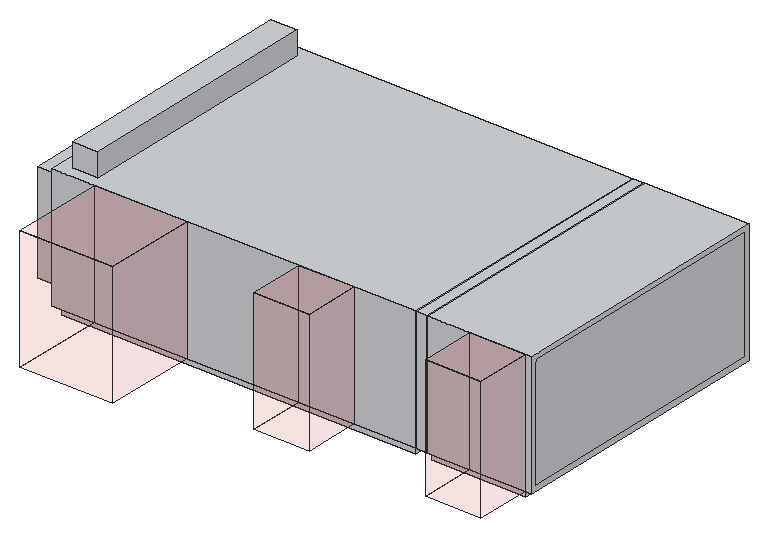
Revit family "Metric WinTADS Template 5", category Mechanical Equipment, Revit 2017
Family settings
  Round Connector Dimension = Use Diameter
  Part Type = Normal
  OmniClass Number = 23.75.00.00
  OmniClass Title = Climate Control (HVAC)
  Work Plane-Based = No
  Always vertical = Yes
  Cut with Voids When Loaded = No
  Shared = No
  Room Calculation Point = No
Parameters
  Mass = 1159.96 kg
Reference planes
  plane 1 "Center (Front/Back)": y = 0
  plane 2: z = 0
  plane 3 "Center (Left/Right)": x = 0
Forms (mm)
  Extrusion 1, solid
    sketch origin (0, 0, 0) x (1, 0, 0) y (0, 1, 0)
      loop
        line (-200, 2238) -> (-200, 100) -> (0, 100) -> (0, 2238) -> (-200, 2238)
    from 100 to 958
  Extrusion 2, solid
    sketch origin (0, 0, 0) x (1, 0, 0) y (0, 1, 0)
      loop
        line (100, 2238) -> (100, 100) -> (318, 100) -> (318, 2238) -> (100, 2238)
    from 1058 to 1258
  Extrusion 3, solid
    sketch origin (0, 0, 0) x (1, 0, 0) y (0, 1, 0)
      loop
        line (4133.543, 2289) -> (4133.543, 49) -> (4134.457, 49) -> (4134.457, 2289) -> (4133.543, 2289)
    from 49 to 1009
  Extrusion 4, solid
    sketch origin (0, 0, 0) x (1, 0, 0) y (0, 1, 0)
      loop
        line (0, 2338) -> (0, 0) -> (3138, 0) -> (3138, 2338) -> (0, 2338)
    from 0 to 1058
  Extrusion 5, solid
    sketch origin (0, 0, 0) x (1, 0, 0) y (0, 1, 0)
      loop
        line (3138, 2338) -> (3138, 0) -> (3236, 0) -> (3236, 2338) -> (3138, 2338)
    from 0 to 1058
  Extrusion 6, solid
    sketch origin (0, 0, 0) x (1, 0, 0) y (0, 1, 0)
      loop
        line (3236, 2338) -> (3236, 0) -> (4134, 0) -> (4134, 2338) -> (3236, 2338)
    from 0 to 1058
  Extrusion 7, solid
    sketch origin (0, 0, 0) x (1, 0, 0) y (0, 1, 0)
      loop
        line (69, 75.5) -> (69, 26.5) -> (3118, 26.5) -> (3118, 75.5) -> (69, 75.5)
    from -62 to 0
  Extrusion 8, solid
    sketch origin (0, 0, 0) x (1, 0, 0) y (0, 1, 0)
      loop
        line (69, 2311.5) -> (69, 2262.5) -> (3118, 2262.5) -> (3118, 2311.5) -> (69, 2311.5)
    from -62 to 0
  Extrusion 9, solid
    sketch origin (0, 0, 0) x (1, 0, 0) y (0, 1, 0)
      loop
        line (69, 2262.5) -> (69, 75.5) -> (118, 75.5) -> (118, 2262.5) -> (69, 2262.5)
    from -62 to 0
  Extrusion 10, solid
    sketch origin (0, 0, 0) x (1, 0, 0) y (0, 1, 0)
      loop
        line (3069, 2262.5) -> (3069, 75.5) -> (3118, 75.5) -> (3118, 2262.5) -> (3069, 2262.5)
    from -62 to 0
  Extrusion 11, solid
    sketch origin (0, 0, 0) x (1, 0, 0) y (0, 1, 0)
      loop
        line (3256, 75.5) -> (3256, 26.5) -> (4065, 26.5) -> (4065, 75.5) -> (3256, 75.5)
    from -62 to 0
  Extrusion 12, solid
    sketch origin (0, 0, 0) x (1, 0, 0) y (0, 1, 0)
      loop
        line (3256, 2311.5) -> (3256, 2262.5) -> (4065, 2262.5) -> (4065, 2311.5) -> (3256, 2311.5)
    from -62 to 0
  Extrusion 13, solid
    sketch origin (0, 0, 0) x (1, 0, 0) y (0, 1, 0)
      loop
        line (3256, 2262.5) -> (3256, 75.5) -> (3305, 75.5) -> (3305, 2262.5) -> (3256, 2262.5)
    from -62 to 0
  Extrusion 14, solid
    sketch origin (0, 0, 0) x (1, 0, 0) y (0, 1, 0)
      loop
        line (4016, 2262.5) -> (4016, 75.5) -> (4065, 75.5) -> (4065, 2262.5) -> (4016, 2262.5)
    from -62 to 0
  Extrusion 15, solid, material "Clearance Zones"
    sketch origin (0, 0, 0) x (1, 0, 0) y (0, 1, 0)
      loop
        line (369, 0) -> (369, -800) -> (1169, -800) -> (1169, 0) -> (369, 0)
    from 0 to 1058
  Extrusion 16, solid, material "Clearance Zones"
    sketch origin (0, 0, 0) x (1, 0, 0) y (0, 1, 0)
      loop
        line (2129, 0) -> (2129, -480) -> (2609, -480) -> (2609, 0) -> (2129, 0)
    from 0 to 1058
  Extrusion 17, solid, material "Clearance Zones"
    sketch origin (0, 0, 0) x (1, 0, 0) y (0, 1, 0)
      loop
        line (3605, 0) -> (3605, -480) -> (4085, -480) -> (4085, 0) -> (3605, 0)
    from 0 to 1058
Dimensions and locks
  aligned and locked: level to plane 2
Connectors
  hvac at (209, 1169, 1258)
    settings: on Extrusion 2, index 6, duct flow 4166.67 L/s, flow factor 0, pres drop 50.2613 Pa, loss coef 0, conn angle 0.00°, conn width 218 mm, conn height 2138 mm, conn diameter 609.6 mm, duct sys type 1, conn prof type 1, flow config 0, flow direction 1, loss method 4, conn ref index -1, conn util no, is conn primary yes, conn desc ""
  hvac at (4134.457, 1169, 529)
    settings: on Extrusion 3, index 31, duct flow 4166.67 L/s, flow factor 0, pres drop 2.0 Pa, loss coef 0, conn angle 0.00°, conn width 2240 mm, conn height 960 mm, conn diameter 609.6 mm, duct sys type 1, conn prof type 1, flow config 0, flow direction 2, loss method 4, conn ref index -1, conn util no, is conn primary no, conn desc ""
  hvac at (-200, 1169, 529)
    settings: on Extrusion 1, index 35, duct flow 4166.67 L/s, flow factor 0, pres drop 3.37561 Pa, loss coef 0, conn angle 0.00°, conn width 2138 mm, conn height 858 mm, conn diameter 609.6 mm, duct sys type 1, conn prof type 1, flow config 0, flow direction 1, loss method 4, conn ref index -1, conn util no, is conn primary no, conn desc ""
